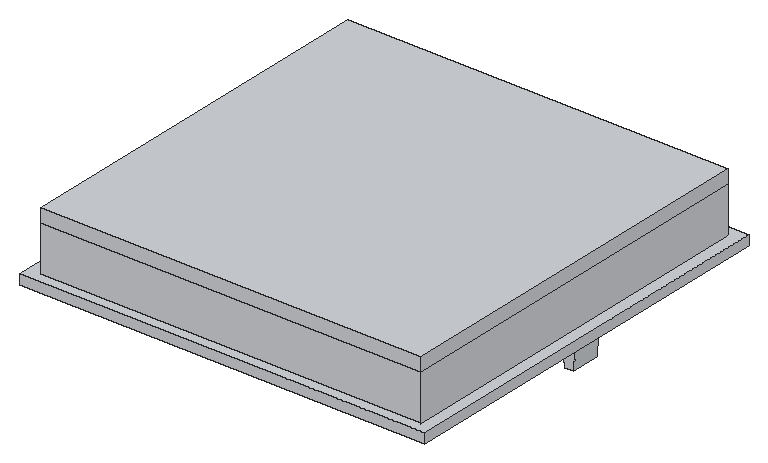
Revit family "Gira_028566", category Electrical Fixtures, host Face, Revit 2017
Family settings
  Host = Face
  Maintain Annotation Orientation = No
  Round Connector Dimension = Use Diameter
  Part Type = Normal
  Cut with Voids When Loaded = No
  Shared = No
  Room Calculation Point = No
Parameters (values of type "Wippe Symb. Licht Gira TX_44 (WG UP) Reinweiß")
  Werkstoffgüte = "sonstige"
  Werkstoff = "Kunststoff"
  Verwendung = "Schalter/Taster"
  URL = "http://katalog.gira.de/de_DE/datenblatt.html?artikelnr=028566"
  Region = "DE"
  RAL-Nummer (ähnlich) = "9010 "
  Oberfläche = "sonstige"
  Name = "Wippe Symb. Licht Gira TX_44 (WG UP) Reinweiß"
  Mit austauschbarer Linse/Symbol = "No"
  Mit Beschriftungsfeld = "No"
  Manufacturer URL = "https://www.gira.de/"
  Kontrollfenster/Lichtauslass = "No"
  Keynote = "TX44_Abdeckung_Schalten und Tasten"
  HeinzeBIM = "https://bimportal.heinze.de/bim/wippe-symb-licht-gira-tx-44-wg-up-reinweiss/0ef52a5a2770187085dc229292306c565669044c"
  Halogenfrei = "Yes"
  HAN = "028566"
  Geeignet für Schutzart (IP) = "IP44"
  Geeignet für Bussystem-Tasterankopplung = "No"
  GTIN = "4010337285663"
  Farbe = "weiß"
  Default Elevation = 1219.2 mm
  Data sheet (1) = "https://katalog.gira.de/de_DE/download.html?artikelnr=028566"
  Category = "Abdeckung/Bedienelement für Installationsschalterprogramme"
  Befestigungsart = "Klemm-/Schraubbefestigung"
  Available = "Yes"
  Ausführung = "einteilige Wippe"
  Aufdruck/Kennzeichnung = "Symbol \"Licht\""
  Abtastbares Symbol/barrierefrei = "No"
Reference planes
  plane 1 "Center (Front/Back)": y = 0
  plane 2: z = 0
  plane 3 "Center (Left/Right)": x = 0
Forms (mm)
  Extrusion 1, solid, detail levels fine
    sketch origin (0, 0, 0) x (1, 0, 0) y (0, 1, 0)
      loop
        line (34.85, 34.85) -> (-34.85, 34.85) -> (-34.85, -34.85) -> (34.85, -34.85) -> (34.85, 34.85)
      loop
        line (-31.45, 31.8) -> (-31.45, -31.8) -> (31.45, -31.8) -> (31.45, 31.8) -> (-31.45, 31.8)
    from 0 to 1.7
  Extrusion 2, solid, detail levels fine
    sketch origin (0, 0, 0) x (1, 0, 0) y (0, 1, 0)
      loop
        line (32.8, 33.05) -> (-32.8, 33.05) -> (-32.8, -33.05) -> (32.8, -33.05) -> (32.8, 33.05)
      loop
        line (-31.45, 31.8) -> (-31.45, -31.8) -> (31.45, -31.8) -> (31.45, 31.8) -> (-31.45, 31.8)
    from 1.566 to 9.515
  Extrusion 3, solid, detail levels fine
    sketch origin (0, 0, 0) x (1, 0, 0) y (0, 1, 0)
      loop
        line (32.8, 33.05) -> (-32.8, 33.05) -> (-32.8, -33.05) -> (32.8, -33.05) -> (32.8, 33.05)
    from 9.515 to 11.816
  Extrusion 4, solid, detail levels fine
    sketch origin (0, 0, 0) x (1, 0, 0) y (0, 0, 1)
      loop
        line (-32.815, 0) -> (-34.827, 0) -> (-34.611, -3.084) -> (-33.031, -3.084) -> (-32.815, 0)
      loop
        line (32.815, 0) -> (33.031, -3.084) -> (34.611, -3.084) -> (34.827, 0) -> (32.815, 0)
    from -2.513 to 2.5
  Extrusion 5, solid, detail levels fine
    sketch origin (0, 0, 0) x (1, 0, 0) y (0, 1, 0)
      loop
        spline (-23.686, 23.152) -> (-23.856, 23.114) -> (-24.022, 23.062) -> (-24.184, 22.995) -> (-24.338, 22.915) -> (-24.486, 22.821) -> (-24.624, 22.715) -> (-24.753, 22.597) -> (-24.87, 22.468) -> (-24.977, 22.33) -> (-25.07, 22.183) -> (-25.151, 22.028) -> (-25.218, 21.867)
        line (-25.218, 21.867) -> (-29.35, 10.513) -> (-29.35, -10.487) -> (-25.218, -21.841)
        spline (-25.218, -21.841) -> (-25.151, -22.002) -> (-25.07, -22.156) -> (-24.977, -22.304) -> (-24.87, -22.442) -> (-24.753, -22.571) -> (-24.624, -22.688) -> (-24.486, -22.795) -> (-24.338, -22.888) -> (-24.184, -22.969) -> (-24.022, -23.036) -> (-23.856, -23.088) -> (-23.686, -23.126)
        line (-23.686, -23.126) -> (0, -27.302) -> (23.686, -23.126)
        spline (23.686, -23.126) -> (23.856, -23.088) -> (24.022, -23.036) -> (24.184, -22.969) -> (24.338, -22.888) -> (24.486, -22.795) -> (24.624, -22.688) -> (24.753, -22.571) -> (24.87, -22.442) -> (24.977, -22.304) -> (25.07, -22.156) -> (25.151, -22.002) -> (25.218, -21.841)
        line (25.218, -21.841) -> (29.35, -10.487) -> (29.35, 10.513) -> (25.218, 21.867)
        spline (25.218, 21.867) -> (25.151, 22.028) -> (25.07, 22.183) -> (24.977, 22.33) -> (24.87, 22.468) -> (24.753, 22.597) -> (24.624, 22.715) -> (24.486, 22.821) -> (24.338, 22.915) -> (24.184, 22.995) -> (24.022, 23.062) -> (23.856, 23.114) -> (23.686, 23.152)
        line (23.686, 23.152) -> (0, 27.328) -> (-23.686, 23.152)
      loop
        line (-24.278, 21.525) -> (-28.35, 10.337) -> (-28.35, -10.311) -> (-24.278, -21.498)
        spline (-24.278, -21.498) -> (-24.245, -21.579) -> (-24.204, -21.656) -> (-24.157, -21.73) -> (-24.104, -21.799) -> (-24.045, -21.863) -> (-23.981, -21.922) -> (-23.912, -21.976) -> (-23.838, -22.022) -> (-23.761, -22.063) -> (-23.68, -22.096) -> (-23.597, -22.122) -> (-23.512, -22.141)
        line (-23.512, -22.141) -> (0, -26.287) -> (23.512, -22.141)
        spline (23.512, -22.141) -> (23.597, -22.122) -> (23.68, -22.096) -> (23.761, -22.063) -> (23.838, -22.022) -> (23.912, -21.976) -> (23.981, -21.922) -> (24.045, -21.863) -> (24.104, -21.799) -> (24.157, -21.73) -> (24.204, -21.656) -> (24.245, -21.579) -> (24.278, -21.498)
        line (24.278, -21.498) -> (28.35, -10.311) -> (28.35, 10.337) -> (24.278, 21.525)
        spline (24.278, 21.525) -> (24.245, 21.605) -> (24.204, 21.683) -> (24.157, 21.756) -> (24.104, 21.825) -> (24.045, 21.89) -> (23.981, 21.949) -> (23.912, 22.002) -> (23.838, 22.048) -> (23.761, 22.089) -> (23.68, 22.122) -> (23.597, 22.148) -> (23.512, 22.167)
        line (23.512, 22.167) -> (0, 26.313) -> (-23.512, 22.167)
        spline (-23.512, 22.167) -> (-23.597, 22.148) -> (-23.68, 22.122) -> (-23.761, 22.089) -> (-23.838, 22.048) -> (-23.912, 22.002) -> (-23.981, 21.949) -> (-24.045, 21.89) -> (-24.104, 21.825) -> (-24.157, 21.756) -> (-24.204, 21.683) -> (-24.245, 21.605) -> (-24.278, 21.525)
    from 4.866 to 9.515
  Extrusion 6, solid, detail levels fine
    sketch origin (0, 0, 0) x (1, 0, 0) y (0, 1, 0)
      loop
        arc (0, 8.51) -> (-1.055, 8.223) -> (-1.717, 7.352) r 1.7
        line (-1.717, 7.352) -> (-2.205, 5.894) -> (-2.205, 4.213) -> (-4.36, 4.213)
        arc (-4.36, 4.213) -> (-4.865, 4.091) -> (-5.257, 3.75) r 1.1
        arc (-5.257, 3.75) -> (-6.02, 2.328) -> (-6.406, 0.761) r 6.45
        arc (-6.406, 0.761) -> (-6.7, 0.013) -> (-6.406, -0.735) r 1.1
        arc (-6.406, -0.735) -> (-6.02, -2.302) -> (-5.257, -3.724) r 6.45
        arc (-5.257, -3.724) -> (-4.865, -4.064) -> (-4.36, -4.187) r 1.1
        line (-4.36, -4.187) -> (-2.1, -4.187) -> (-2.1, -5.243)
        arc (-2.1, -5.243) -> (-1.847, -5.944) -> (-1.206, -6.323) r 1.1
        arc (-1.206, -6.323) -> (0, -6.437) -> (1.206, -6.323) r 6.45
        arc (1.206, -6.323) -> (1.847, -5.944) -> (2.1, -5.243) r 1.1
        line (2.1, -5.243) -> (2.1, -4.187) -> (4.36, -4.187)
        arc (4.36, -4.187) -> (4.865, -4.064) -> (5.257, -3.724) r 1.1
        arc (5.257, -3.724) -> (6.02, -2.302) -> (6.406, -0.735) r 6.45
        arc (6.406, -0.735) -> (6.7, 0.013) -> (6.406, 0.761) r 1.1
        arc (6.406, 0.761) -> (6.02, 2.328) -> (5.257, 3.75) r 6.45
        arc (5.257, 3.75) -> (4.865, 4.091) -> (4.36, 4.213) r 1.1
        line (4.36, 4.213) -> (2.205, 4.213) -> (2.205, 5.894) -> (1.717, 7.352)
        arc (1.717, 7.352) -> (1.055, 8.223) -> (0, 8.51) r 1.7
    from -6.834 to 9.515
  Extrusion 7, solid, detail levels coarse
    sketch origin (0, 0, 0) x (1, 0, 0) y (0, 1, 0)
      loop
        line (34.85, 34.85) -> (-34.85, 34.85) -> (-34.85, -34.85) -> (34.85, -34.85) -> (34.85, 34.85)
    from -6.834 to 11.816
  Extrusion 8, solid, detail levels medium
    sketch origin (0, 0, 0) x (1, 0, 0) y (0, 1, 0)
      loop
        line (32.8, 33.05) -> (-32.8, 33.05) -> (-32.8, -33.05) -> (32.8, -33.05) -> (32.8, 33.05)
    from 1.566 to 11.816
  Extrusion 9, solid, detail levels medium
    sketch origin (0, 0, 0) x (1, 0, 0) y (0, 1, 0)
      loop
        line (34.85, 34.85) -> (-34.85, 34.85) -> (-34.85, -34.85) -> (34.85, -34.85) -> (34.85, 34.85)
    from 0 to 1.7
  Extrusion 10, solid, detail levels medium
    sketch origin (0, 0, 0) x (1, 0, 0) y (0, 1, 0)
      loop
        circle (0, 1.036) r 7.473
    from -6.834 to 9.515
  Extrusion 11, solid, detail levels medium
    sketch origin (0, 0, 0) x (1, 0, 0) y (0, 0, 1)
      loop
        line (-32.815, -3.084) -> (-32.815, 0) -> (-34.827, 0) -> (-34.827, -3.084) -> (-32.815, -3.084)
      loop
        line (32.815, -3.084) -> (34.827, -3.084) -> (34.827, 0) -> (32.815, 0) -> (32.815, -3.084)
    from -2.513 to 2.5
Dimensions and locks
  aligned and locked: plane 2 to host face
  aligned and locked: level to host face
